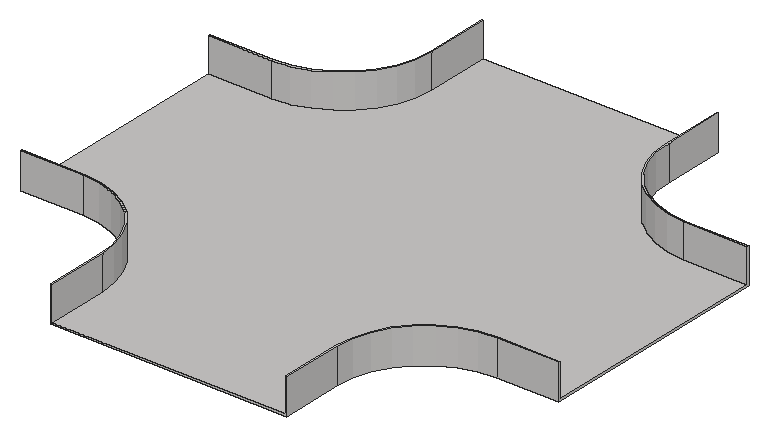
Revit family "Cable_Tray_Fitting-Solid_Tray-OBO_Bettermann-Channel_Horizontal_Cross_Over_400-600-MKS", category Cable Tray Fittings, Revit 2012
Parameters (values of type "Hot Dipped Galvanised")
  URL = "http://www.obo-bettermann.com/"
  Tray Width 3 [instance] = 400 mm
  Tray Width 1 [instance] = 400 mm
  Tray Length [instance] = 1.588 mm
  Tray Height [instance] = 60 mm
  built-in parameter 1140111 [instance] = 2.58 mm
  Radius Label 1 = Radius + 2.6 mm  # 152.6 mm
  Radius Label [instance] = Radius  # 150 mm
  Radius = 150 mm
  Product Page URL = "http://catalog2.obo-bettermann.com/catalogue/catalogue.do?favOid=kts_315277&act=showIO&lang=en&action=start&catId=KTS&forward=showSolutionView"
  Product Documentation Link = ""
  Pre Galvanized = yes
  Model = "MKS"
  Manufacturer = "OBO Bettermann"
  Description = "Solid Cable tray"
  Connector Description 4 = "Connector for Cable Tray 4"  # constant formula
  Connector Description 3 = "Connector for Cable Tray 3"  # constant formula
  Connector Description 2 = "Connector for Cable Tray 2"  # constant formula
  Connector Description = "Connector for Cable Tray 1"  # constant formula
  Classification = "Refer to online Catalog for UL and cUL classifed sizes and wire sizes."
  Cable Tray Material = Metal - OBO Bettermann - Hot-Dipped-Galvanised
  Assembly Code = "D5030600"
Types (2, lengths in mm): name | Cable Tray Material
  Stripped Galvanised | Metal - OBO Bettermann - Strip-Galvanised
  Hot Dipped Galvanised | Metal - OBO Bettermann - Hot-Dipped-Galvanised
Reference planes
  plane 1 "Center (Front/Back)": y = 0
  plane 2: z = 0
  plane 3 "Center (Left/Right)": x = 0
  plane 4: y = 200
  plane 5: y = -200
  plane 6: z = 30
  plane 7: z = -30
  plane 8: y = -453.413
  plane 9: x = -200
  plane 10: x = 200
  plane 11: x = -453.412
  plane 12: x = 453.413
  plane 13: y = -197.42
  plane 14: y = 197.42
  plane 15: y = -455
  plane 16: x = -197.42
  plane 17: x = 197.42
  plane 18: x = -455
  plane 19: x = 455
  plane 20: z = -27.42
  plane 21: y = 453.412
  plane 22: y = 455
Forms (mm)
  Extrusion 1, solid, material "Metal - OBO Bettermann - Hot-Dipped-Galvanised" <- "Cable Tray Material", detail levels medium+fine
    sketch origin (377.212, 0, 0) x (1, 0, 0) y (0, 1, 0)
      loop
        line (-832.212, -197.42) -> (-832.212, -200) -> (-727.212, -200)
        arc (-727.212, -200) -> (-621.146, -243.934) -> (-577.212, -350) r 150
        line (-577.212, -350) -> (-577.212, -455) -> (-574.633, -455) -> (-574.633, -347.51)
        arc (-574.633, -347.51) -> (-619.308, -242.096) -> (-724.723, -197.42) r 152.6
        line (-724.723, -197.42) -> (-832.212, -197.42)
      loop
        line (-27.212, -200) -> (77.788, -200) -> (77.788, -197.42) -> (-29.702, -197.42)
        arc (-29.702, -197.42) -> (-135.117, -242.096) -> (-179.792, -347.51) r 152.6
        line (-179.792, -347.51) -> (-179.792, -455) -> (-177.212, -455) -> (-177.212, -350)
        arc (-177.212, -350) -> (-133.279, -243.934) -> (-27.212, -200) r 150
      loop
        line (-832.212, 197.42) -> (-724.723, 197.42)
        arc (-724.723, 197.42) -> (-619.308, 242.096) -> (-574.633, 347.51) r 152.6
        line (-574.633, 347.51) -> (-574.633, 455) -> (-577.212, 455) -> (-577.212, 350)
        arc (-577.212, 350) -> (-621.146, 243.934) -> (-727.212, 200) r 150
        line (-727.212, 200) -> (-832.212, 200) -> (-832.212, 197.42)
      loop
        arc (-27.212, 200) -> (-133.279, 243.934) -> (-177.212, 350) r 150
        line (-177.212, 350) -> (-177.212, 455) -> (-179.792, 455) -> (-179.792, 347.51)
        arc (-179.792, 347.51) -> (-135.117, 242.096) -> (-29.702, 197.42) r 152.6
        line (-29.702, 197.42) -> (77.788, 197.42) -> (77.788, 200) -> (-27.212, 200)
    from -30 to 30
  Extrusion 2, solid, material "Metal - OBO Bettermann - Hot-Dipped-Galvanised" <- "Cable Tray Material", detail levels medium+fine
    sketch origin (0, 0, 0) x (1, 0, 0) y (0, 1, 0)
      loop
        line (-455, 200) -> (-455, -200) -> (-350, -200)
        arc (-350, -200) -> (-243.934, -243.934) -> (-200, -350) r 150
        line (-200, -350) -> (-200, -455) -> (200, -455) -> (200, -350)
        arc (200, -350) -> (243.934, -243.934) -> (350, -200) r 150
        line (350, -200) -> (455, -200) -> (455, 200) -> (350, 200)
        arc (350, 200) -> (243.934, 243.934) -> (200, 350) r 150
        line (200, 350) -> (200, 455) -> (-200, 455) -> (-200, 350)
        arc (-200, 350) -> (-243.934, 243.934) -> (-350, 200) r 150
        line (-350, 200) -> (-455, 200)
    from -30 to -27.42
  Extrusion 3, solid, material "Metal - OBO Bettermann - Hot-Dipped-Galvanised" <- "Cable Tray Material", detail levels medium
    sketch origin (0, 0, 0) x (1, 0, 0) y (0, 1, 0)
      loop
        line (-455, 200) -> (-455, -200) -> (-350, -200)
        arc (-350, -200) -> (-243.934, -243.934) -> (-200, -350) r 150
        line (-200, -350) -> (-200, -455) -> (200, -455) -> (200, -350)
        arc (200, -350) -> (243.934, -243.934) -> (350, -200) r 150
        line (350, -200) -> (455, -200) -> (455, 200) -> (350, 200)
        arc (350, 200) -> (243.934, 243.934) -> (200, 350) r 150
        line (200, 350) -> (200, 455) -> (-200, 455) -> (-200, 350)
        arc (-200, 350) -> (-243.934, 243.934) -> (-350, 200) r 150
        line (-350, 200) -> (-455, 200)
    from -30 to 30
Cuts and joins
  joined: Extrusion 1, Extrusion 2
Lines and regions (mm)
  model lines, style "Coarse View", detail levels coarse
    curve 1: line (-455, 0, 0) -> (455, 0, 0)
    curve 2: line (0, 0, 0) -> (0, -455, 0)
    curve 3: line (0, 455, 0) -> (0, 0, 0)
  symbolic lines, detail levels fine
    curve 4: line (197.42, 455, 0) -> (197.42, 453.412, 0)
    curve 5: line (453.413, 197.42, 0) -> (455, 197.42, 0)
    curve 6: line (455, -197.42, 0) -> (453.413, -197.42, 0)
    curve 7: line (197.42, -453.413, 0) -> (197.42, -455, 0)
    curve 8: line (-197.42, -455, 0) -> (-197.42, -453.413, 0)
    curve 9: line (-453.412, -197.42, 0) -> (-455, -197.42, 0)
    curve 10: line (-200, -350, 0) -> (-200, -455, 0)
    curve 11: arc (-350, -200, 0) -> (-243.934, -243.934, 0) -> (-200, -350, 0) r 150
    curve 12: line (-455, -200, 0) -> (-350, -200, 0)
    curve 13: line (350, -200, 0) -> (455, -200, 0)
    curve 14: arc (200, -350, 0) -> (243.934, -243.934, 0) -> (350, -200, 0) r 150
    curve 15: line (200, -455, 0) -> (200, -350, 0)
    curve 16: line (200, 350, 0) -> (200, 455, 0)
    curve 17: arc (350, 200, 0) -> (243.934, 243.934, 0) -> (200, 350, 0) r 150
    curve 18: line (455, 200, 0) -> (350, 200, 0)
    curve 19: line (-350, 200, 0) -> (-455, 200, 0)
    curve 20: arc (-200, 350, 0) -> (-243.934, 243.934, 0) -> (-350, 200, 0) r 150
    curve 21: line (-200, 455, 0) -> (-200, 350, 0)
Dimensions and locks
  equal spacing: plane 4, plane 1 "Center (Front/Back)", plane 5
  "Tray Width 1": plane 4 to plane 5
  equal spacing: plane 6, plane 2, plane 7
  "Tray Height": plane 6 to plane 7
  equal spacing: plane 9, plane 3 "Center (Left/Right)", plane 10
  "Tray Width 3": plane 9 to plane 10
  "built-in parameter 1140111": plane 13 to plane 5
  "built-in parameter 1140111": plane 4 to plane 14
  "Tray Length": plane 8 to plane 15
  "built-in parameter 1140111": plane 9 to plane 16
  "built-in parameter 1140111": plane 17 to plane 10
  "Tray Length": plane 18 to plane 11
  "Tray Length": plane 12 to plane 19
  "built-in parameter 1140111": plane 20 to plane 7
  "Tray Length": plane 21 to plane 22
  locked: plane 18 to plane 9 at 255
  locked: plane 10 to plane 19 at 255
  equal spacing: plane 18, plane 3 "Center (Left/Right)", plane 19
  locked: plane 4 to plane 22 at 255
  locked: plane 5 to plane 15 at 255
  equal spacing: plane 15, plane 1 "Center (Front/Back)", plane 22
  "Radius Label": radius of Extrusion 3 sketch curve  (x4)
  "Radius Label": radius of Extrusion 1 sketch curve  (x4)
  "Radius Label 1": radius of Extrusion 1 sketch curve  (x4)
  aligned and locked: Extrusion 1 to plane 7
  aligned and locked: plane 6 to Extrusion 1
  aligned and locked: plane 5 to Extrusion 2 sketch curve
  aligned and locked: plane 19 to Extrusion 2 sketch curve
  aligned and locked: plane 9 to Extrusion 2 sketch curve
  aligned and locked: Extrusion 2 sketch curve to plane 15
  aligned and locked: Extrusion 2 to plane 7
  aligned and locked: plane 20 to Extrusion 2
  aligned and locked: plane 18 to Extrusion 3 sketch curve
  aligned and locked: Extrusion 3 sketch curve to plane 5
  aligned and locked: plane 4 to Extrusion 3 sketch curve  (x2)
  aligned and locked: plane 5 to Extrusion 3 sketch curve
  aligned and locked: plane 10 to Extrusion 3 sketch curve
  aligned and locked: plane 9 to Extrusion 3 sketch curve
  aligned and locked: Extrusion 3 sketch curve to plane 15
  aligned and locked: Extrusion 3 to plane 7
  aligned and locked: plane 6 to Extrusion 3
  aligned and locked: plane 19 to curve 1
  aligned and locked: plane 18 to curve 1
  aligned and locked: plane 15 to curve 2
  aligned and locked: plane 1 "Center (Front/Back)" to curve 2
  aligned and locked: curve 2 to plane 3 "Center (Left/Right)"
  aligned and locked: plane 22 to curve 3
  aligned and locked: curve 3 to plane 3 "Center (Left/Right)"
  aligned and locked: plane 18 to curve 9
  aligned and locked: plane 15 to curve 8
  aligned and locked: plane 15 to curve 7
  aligned and locked: plane 19 to curve 6
  aligned and locked: plane 19 to curve 5
  aligned and locked: plane 22 to curve 4
  aligned and locked: Extrusion 2 sketch curve to cut or joined group of Extrusion 1, Extrusion 2  (x8)
  aligned and locked: curve 11 to cut or joined group of Extrusion 1, Extrusion 2
  aligned and locked: curve 12 to cut or joined group of Extrusion 1, Extrusion 2
  aligned and locked: curve 14 to cut or joined group of Extrusion 1, Extrusion 2
  aligned and locked: curve 17 to cut or joined group of Extrusion 1, Extrusion 2
  aligned and locked: curve 18 to cut or joined group of Extrusion 1, Extrusion 2
  aligned and locked: curve 20 to cut or joined group of Extrusion 1, Extrusion 2
  aligned and locked: curve 21 to cut or joined group of Extrusion 1, Extrusion 2
Automatic sketch dimensions
  curve 9 to plane 11 = 0 mm
  curve 7 to plane 8 = 0 mm
  curve 7 to plane 17 = 0 mm
  curve 4 to plane 17 = 0 mm
  curve 6 to plane 13 = 0 mm
  curve 9 to plane 13 = 0 mm
  Extrusion 3 sketch curve to plane 9 = 0 mm
  Extrusion 3 sketch curve to plane 10 = 0 mm
  Extrusion 3 sketch curve to plane 19 = 0 mm
  plane 22 to Extrusion 3 sketch curve = 0 mm
  Extrusion 1 sketch curve to Extrusion 1 sketch curve = 0 mm  (x8)
  Extrusion 1 sketch curve to plane 13 = 0 mm  (x2)
  Extrusion 1 sketch curve to plane 18 = 0 mm  (x2)
  Extrusion 1 sketch curve to plane 4 = 0 mm  (x2)
  Extrusion 1 sketch curve to plane 5 = 0 mm  (x2)
  Extrusion 1 sketch curve to plane 14 = 0 mm  (x2)
  Extrusion 1 sketch curve to plane 9 = 0 mm  (x2)
  Extrusion 1 sketch curve to plane 16 = 0 mm  (x2)
  Extrusion 1 sketch curve to plane 17 = 0 mm  (x2)
  Extrusion 1 sketch curve to plane 10 = 0 mm  (x2)
  Extrusion 1 sketch curve to plane 19 = 0 mm  (x2)
  Extrusion 1 sketch curve to plane 15 = 0 mm  (x2)
  plane 22 to Extrusion 1 sketch curve = 0 mm  (x2)
  Extrusion 2 sketch curve to plane 18 = 0 mm
  plane 22 to Extrusion 2 sketch curve = 0 mm
  curve 10 to plane 15 = 0 mm
  curve 12 to plane 18 = 0 mm
  curve 8 to plane 8 = 0 mm
  curve 8 to plane 16 = 0 mm
  curve 6 to plane 12 = 0 mm
  curve 13 to plane 19 = 0 mm
  curve 15 to plane 15 = 0 mm
  plane 22 to curve 16 = 0 mm
  curve 18 to plane 19 = 0 mm
  curve 5 to plane 12 = 0 mm
  curve 5 to plane 14 = 0 mm
  plane 21 to curve 4 = 0 mm
  curve 19 to plane 18 = 0 mm
  plane 22 to curve 21 = 0 mm
Connectors
  cabletrayconduit at (-455, 0, 0), driven by "Tray Height", driven by "Tray Width 1", driven by "Connector Description"
    settings: on Extrusion 3, index 1, connector width 400 mm, connector height 60 mm, connector radius 304.8 mm, connector angle 0.00°, system type 32, placement type 0, profile type 1, connector reference index 2, is primary connector yes, connector utility param no, connector description "Connector for Cable Tray 1"
  cabletrayconduit at (455, 0, 0), driven by "Tray Height", driven by "Tray Width 1", driven by "Connector Description 2"
    settings: on Extrusion 3, index 2, connector width 400 mm, connector height 60 mm, connector radius 304.8 mm, connector angle 0.00°, system type 32, placement type 0, profile type 1, connector reference index 1, is primary connector no, connector utility param no, connector description "Connector for Cable Tray 2"
  cabletrayconduit at (0, -455, 0), driven by "Tray Height", driven by "Tray Width 3", driven by "Connector Description 3"
    settings: on Extrusion 3, index 3, connector width 400 mm, connector height 60 mm, connector radius 304.8 mm, connector angle 0.00°, system type 32, placement type 0, profile type 1, connector reference index 4, is primary connector no, connector utility param no, connector description "Connector for Cable Tray 3"
  cabletrayconduit at (0, 455, 0), driven by "Tray Height", driven by "Tray Width 3", driven by "Connector Description 4"
    settings: on Extrusion 3, index 4, connector width 400 mm, connector height 60 mm, connector radius 304.8 mm, connector angle 0.00°, system type 32, placement type 0, profile type 1, connector reference index 3, is primary connector no, connector utility param no, connector description "Connector for Cable Tray 4"
